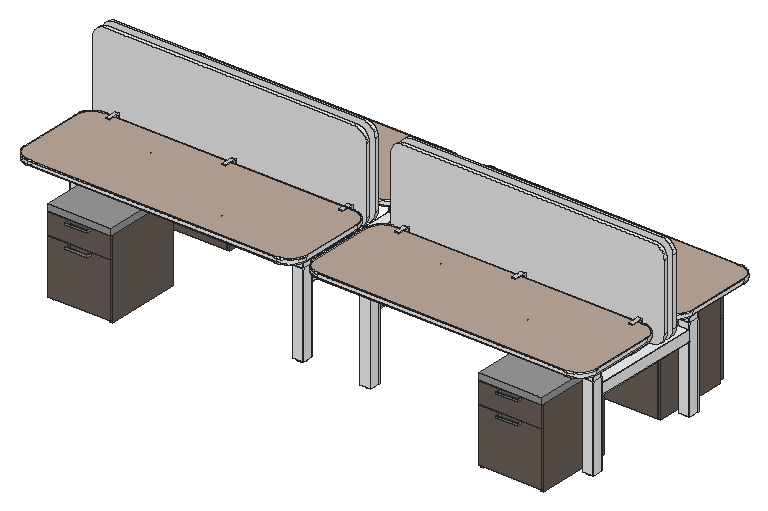
Revit family "T200098", category Furniture, Revit 2022
Family settings
  OmniClass Number = 23.40.20.00
  OmniClass Title = General Furniture and Specialties
  Work Plane-Based = No
  Always vertical = No
  Cut with Voids When Loaded = No
  Render Appearance Source = Family Geometry
  Shared = No
  Room Calculation Point = No
Parameters (values of type "T200098")
  URL = "https://ofs.com/"
  Manufacturer = "OFS"
  Description = "OFS TYPICAL T200098"
  Default Elevation = 0"
  Copyright © = "©OFS 2021"
  Catalog = "https://ofs.com/2020-experience"
  Authoring Version = "Autodesk Revit Architecture 2015"
  Assembly Code = "E2020400"
Reference planes (in)
  plane 1 "Center Front/Back": y = 0
  plane 2: z = 0
  plane 3 "Center Left/Right": x = 0
Dimensions and locks (in)
  aligned and locked: level to plane 2
Nested families (in)
  nested 1: "OFS ELEMENT OPEN L DESK LEFT AND RIGHT 84in Width 60in Return" at (102, 18.84375, 84), type "ELEMENT OPEN L DESK LEFT RETURN 84in Width 60in Return"
    with Right Desk Ovelay no, Left Desk Overlay no, Desk Overlay Option yes
  nested 2: "STAKS MOBILE PEDESTAL" at (32.79402, -28.83849, 0), type "STAKS MOBILE PEDESTAL Unfinished Top"
  nested 3: "STAKS MOBILE PEDESTAL" at (-74.22477, -28.87757, 0), type "STAKS MOBILE PEDESTAL Unfinished Top"
  nested 4: "STAKS SEAT CUSHION FOR MOBILE PEDESTAL" at (32.79402, -28.83849, 0), type "STAKS SEAT CUSHION FOR MOBILE PEDESTAL"
  nested 5: "STAKS SEAT CUSHION FOR MOBILE PEDESTAL" at (-74.22477, -28.87757, 0), type "STAKS SEAT CUSHION FOR MOBILE PEDESTAL"
  nested 6: "OFS RANGE 24D SOFT RECTANGULAR TOP" at (36.00388, -3, 0), type "24D SOFT RECTANGULAR TOP 70W"
  nested 7: "OFS RANGE 24D SOFT RECTANGULAR TOP" at (36, 27, 0), type "24D SOFT RECTANGULAR TOP 70W"
  nested 8: "OFS RANGE 24D SOFT RECTANGULAR TOP" at (-36, -3, 0), type "24D SOFT RECTANGULAR TOP 70W"
  nested 9: "OFS RANGE 24D SOFT RECTANGULAR TOP" at (-36, 27, 0), type "24D SOFT RECTANGULAR TOP 70W"
  nested 10: "OFS RANGE CABLE CARRIER" at (-36, 12.125, -23.375), type "CABLE CARRIER 72W"
  nested 11: "OFS RANGE CABLE CARRIER" at (36.00388, 12.125, -23.375), type "CABLE CARRIER 72W"
  nested 12: "OFS RANGE HEIGHT ADJUSTABLE BENCH KIT" at (-36, 12, 0), type "HEIGHT ADJUSTABLE BENCH KIT 72W"
    with Height 27 7/8"
  nested 13: "OFS RANGE HEIGHT ADJUSTABLE BENCH KIT" at (36.00388, 12, 0), type "HEIGHT ADJUSTABLE BENCH KIT 72W"
    with Height 27 7/8"
  nested 14: "OFS RANGE END CAP" at (73.75388, 0.125, 0) x (0, -1, 0) z (0, 0, 1), type "END CAP"
  nested 15: "OFS RANGE END CAP" at (-73.75, 0.22704, 0) x (0, 1, 0) z (0, 0, 1), type "END CAP"
  nested 16: "OFS RANGE HEIGHT ADJUSTABLE GANGING TRAY" at (0, 12, 0), type "HEIGHT ADJUSTABLE GANGING TRAY"
  nested 17: "OFS RANGE WORKSURFACE EDGE MODESTY ROUNDED TFL HPL OR WILSONART" at (-37, 13.375, 0), type "WORKSURFACE EDGE MODESTY ROUNDED 68W TFL HPL OR WILSONART"
  nested 18: "OFS RANGE BRACKETS FOR WORKSURFACE EDGE MODESTY WOOD AND TFL PANEL" at (-65, -1.75, -3.3125), type "BRACKETS FOR WORKSURFACE EDGE MODESTY Wood and TFL Panel"
  nested 19: "OFS RANGE BRACKETS FOR WORKSURFACE EDGE MODESTY WOOD AND TFL PANEL" at (-36, -1.75, -3.3125), type "BRACKETS FOR WORKSURFACE EDGE MODESTY Wood and TFL Panel"
  nested 20: "OFS RANGE BRACKETS FOR WORKSURFACE EDGE MODESTY WOOD AND TFL PANEL" at (-7, -1.75, -3.3125), type "BRACKETS FOR WORKSURFACE EDGE MODESTY Wood and TFL Panel"
  nested 21: "OFS RANGE BRACKETS FOR WORKSURFACE EDGE MODESTY WOOD AND TFL PANEL" at (-65, 1.75, -3.3125), type "BRACKETS FOR WORKSURFACE EDGE MODESTY Wood and TFL Panel"
  nested 22: "OFS RANGE BRACKETS FOR WORKSURFACE EDGE MODESTY WOOD AND TFL PANEL" at (-36, 1.75, -3.3125), type "BRACKETS FOR WORKSURFACE EDGE MODESTY Wood and TFL Panel"
  nested 23: "OFS RANGE BRACKETS FOR WORKSURFACE EDGE MODESTY WOOD AND TFL PANEL" at (-7, 1.75, -3.3125), type "BRACKETS FOR WORKSURFACE EDGE MODESTY Wood and TFL Panel"
  nested 24: "OFS RANGE BRACKETS FOR WORKSURFACE EDGE MODESTY WOOD AND TFL PANEL" at (65, 1.75, -3.3125) x (-1, 0, 0) z (0, 0, 1), type "BRACKETS FOR WORKSURFACE EDGE MODESTY Wood and TFL Panel"
  nested 25: "OFS RANGE BRACKETS FOR WORKSURFACE EDGE MODESTY WOOD AND TFL PANEL" at (36, 1.75, -3.3125) x (-1, 0, 0) z (0, 0, 1), type "BRACKETS FOR WORKSURFACE EDGE MODESTY Wood and TFL Panel"
  nested 26: "OFS RANGE BRACKETS FOR WORKSURFACE EDGE MODESTY WOOD AND TFL PANEL" at (7, 1.75, -3.3125) x (-1, 0, 0) z (0, 0, 1), type "BRACKETS FOR WORKSURFACE EDGE MODESTY Wood and TFL Panel"
  nested 27: "OFS RANGE BRACKETS FOR WORKSURFACE EDGE MODESTY WOOD AND TFL PANEL" at (65, -1.75, -3.3125) x (-1, 0, 0) z (0, 0, 1), type "BRACKETS FOR WORKSURFACE EDGE MODESTY Wood and TFL Panel"
  nested 28: "OFS RANGE BRACKETS FOR WORKSURFACE EDGE MODESTY WOOD AND TFL PANEL" at (36, -1.75, -3.3125) x (-1, 0, 0) z (0, 0, 1), type "BRACKETS FOR WORKSURFACE EDGE MODESTY Wood and TFL Panel"
  nested 29: "OFS RANGE BRACKETS FOR WORKSURFACE EDGE MODESTY WOOD AND TFL PANEL" at (7, -1.75, -3.3125) x (-1, 0, 0) z (0, 0, 1), type "BRACKETS FOR WORKSURFACE EDGE MODESTY Wood and TFL Panel"
  nested 30: "OFS RANGE WORKSURFACE EDGE MODESTY ROUNDED TFL HPL OR WILSONART" at (-37, -13.375, 0), type "WORKSURFACE EDGE MODESTY ROUNDED 68W TFL HPL OR WILSONART"
  nested 31: "OFS RANGE WORKSURFACE EDGE MODESTY ROUNDED TFL HPL OR WILSONART" at (37, -13.375, 0) x (-1, 0, 0) z (0, 0, 1), type "WORKSURFACE EDGE MODESTY ROUNDED 68W TFL HPL OR WILSONART"
  nested 32: "OFS RANGE WORKSURFACE EDGE MODESTY ROUNDED TFL HPL OR WILSONART" at (37, 13.375, 0) x (-1, 0, 0) z (0, 0, 1), type "WORKSURFACE EDGE MODESTY ROUNDED 68W TFL HPL OR WILSONART"
  nested 33: "STAKS MOBILE PEDESTAL" at (-74.22477, 28.87757, 0), type "STAKS MOBILE PEDESTAL Unfinished Top"
  nested 34: "STAKS SEAT CUSHION FOR MOBILE PEDESTAL" at (-74.22477, 28.87757, 0), type "STAKS SEAT CUSHION FOR MOBILE PEDESTAL"
  nested 35: "STAKS MOBILE PEDESTAL" at (32.79402, 28.83849, 0), type "STAKS MOBILE PEDESTAL Unfinished Top"
  nested 36: "STAKS SEAT CUSHION FOR MOBILE PEDESTAL" at (32.79402, 28.83849, 0), type "STAKS SEAT CUSHION FOR MOBILE PEDESTAL"
Definition of nested family "STAKS MOBILE PEDESTAL"
  Parameters (values of type "STAKS MOBILE PEDESTAL Finished Top")
    Wheel Caster Material = none
    URL = "http://www.ofs.com/"
    Top Thickness = 1 1/8"
    Top Surface Material = none
    Surface = yes
    Riser Support = 1/2"
    Model = "6-1619MP7"
    Manufacturer = "OFS"
    Height = 20 1/4"
    Drawer Material = none
    Drawer Handle Width = 5 7/16"
    Drawer Handle Material = none
    Description = "OFS STAKS MOBILE PEDESTAL Finished Top, No Cushion"
    Width = 15 5/8"
    Depth = 19 1/4"
    Default Elevation = 0"
    DH2 = 6 1/2"
    DH1 = 14 3/8"
    Copyright © = "© 2018 OFS"
    Chasis Material = none
    Catalog = "https://ofs.com/products/casegoods/private-office/staks"
    Board Thickness = 3/4"
    Authoring Version = "Autodesk Revit Architecture 2013"
    Assembly Code = "E2020200"
  Types (2): name | Surface | Model | Description
    STAKS MOBILE PEDESTAL Finished Top | yes | "6-1619MP7" | "OFS STAKS MOBILE PEDESTAL Finished Top, No Cushion"
    STAKS MOBILE PEDESTAL Unfinished Top | no | "6-1619MP8" | "OFS STAKS MOBILE PEDESTAL Unfinished Top, Must use with Cushion"
  Reference planes (in)
    plane 1: z = 0
    plane 2 "Right": x = 20.97711
    plane 3: z = 20.125
    plane 4: z = 14.875
    plane 5: z = 14.75
    plane 6: z = 0.5
    plane 7: z = 14.5
    plane 8: z = 19.875
    plane 9: z = 14.031
    plane 10: z = 19.40625
    plane 11: x = 13.16461
    plane 12: y = 1.50035
    plane 13: y = 0.75035
    plane 14: x = 13.22711
    plane 15: x = 28.72661
    plane 16: x = 13.91461
    plane 17: y = 20.00035
    plane 18: x = 28.78961
    plane 19: x = 28.03961
    plane 20: x = 18.25836
    plane 21: x = 18.63336
    plane 22: x = 23.69586
    plane 23: x = 23.32086
    plane 24: y = -0.06215
    plane 25: y = -0.24965
    plane 26: z = 0.75
    plane 27: y = 19.25035
    plane 28: z = 1.25
    plane 29: z = 20.25
    plane 30: z = 21.375
    plane 31: z = 2.25
    plane 32: z = 3
  Forms (in)
    Extrusion 1, solid, material <- "Drawer Material"
      sketch origin (20.35211, 2.25, -7.68015) x (0, 1, 0) y (0, 0, 1)
        loop
          line (-1.49965, 27.80515) -> (-1.49965, 22.55515) -> (-0.74965, 22.55515) -> (-0.74965, 27.80515) -> (-1.49965, 27.80515)
      from -7.125 to 8.3745
    Extrusion 2, solid, material <- "Chasis Material"
      sketch origin (-3, -1.24965, 0) x (1, 0, 0) y (0, 0, 1)
        loop
          line (16.16461, 0.5) -> (16.91461, 0.5) -> (16.91461, 20.125) -> (16.16461, 20.125) -> (16.16461, 0.5)
      from -21.25 to -2.75
    Extrusion 3, solid, material <- "Chasis Material"
      sketch origin (19.35211, 31.02324, 0) x (0, 1, 0) y (0, 0, 1)
        loop
          line (-11.77289, 0.5) -> (-11.02289, 0.5) -> (-11.02289, 20.125) -> (-11.77289, 20.125) -> (-11.77289, 0.5)
      from -5.4375 to 8.6875
    Extrusion 4, solid, material <- "Drawer Handle Material"
      sketch origin (9, 0, 20.67137) x (1, 0, 0) y (0, 1, 0)
        loop
          line (9.25836, 0.75035) -> (9.25836, -0.24965) -> (14.69586, -0.24965) -> (14.69586, 0.75035) -> (14.32086, 0.75035) -> (14.32086, -0.06215) -> (9.63336, -0.06215) -> (9.63336, 0.75035) -> (9.25836, 0.75035)
      from -1.26512 to -0.79637
    Extrusion 5, solid, material <- "Chasis Material"
      sketch origin (0, 0, 0) x (1, 0, 0) y (0, 1, 0)
        loop
          line (28.78961, 20.00035) -> (28.03961, 20.00035) -> (28.03961, 1.50035) -> (28.78961, 1.50035) -> (28.78961, 20.00035)
      from 0.5 to 20.125
    Extrusion 6, solid, material <- "Chasis Material"
      sketch origin (-29.79592, -7.12465, 7.24693) x (1, 0, 0) y (0, 0, 1)
        loop
          line (43.71054, 12.15932) -> (57.83554, 12.15932) -> (57.83554, 12.87807) -> (43.71054, 12.87807) -> (43.71054, 12.15932)
      from -26.375 to -8.625
    Extrusion 7, solid, material <- "Chasis Material"
      sketch origin (-31.5409, -1.62465, -42.72261) x (1, 0, 0) y (0, 0, 1)
        loop
          line (45.45551, 44.97261) -> (59.58051, 44.97261) -> (59.58051, 45.72261) -> (45.45551, 45.72261) -> (45.45551, 44.97261)
      from -20.875 to -3.125
    Extrusion 8, solid
      sketch origin (0, 0, 0) x (1, 0, 0) y (0, 1, 0)
        loop
          line (28.72661, 20.00035) -> (28.03961, 20.00035) -> (28.03961, 1.50035) -> (28.72661, 1.50035) -> (28.72661, 20.00035)
        loop
          line (13.22711, 20.00035) -> (13.22711, 1.50035) -> (13.91461, 1.50035) -> (13.91461, 20.00035) -> (13.22711, 20.00035)
      from 20.125 to 20.25
    Extrusion 9, solid, material <- "Wheel Caster Material"
      sketch origin (-12.02289, 0, 0) x (0, 1, 0) y (0, 0, 1)
        loop
          circle (17.50791, 0.94006) r 0.94006
        loop
          arc (16.53801, 0.5) -> (17.50791, 2.00512) -> (18.47781, 0.5) r 1.06506
          line (18.47781, 0.5) -> (18.61362, 0.5)
          arc (18.61362, 0.5) -> (17.50791, 2.13012) -> (16.4022, 0.5) r 1.19006
          line (16.4022, 0.5) -> (16.53801, 0.5)
        loop
          circle (3.25244, 0.94006) r 0.94006
        loop
          arc (2.28254, 0.5) -> (3.25244, 2.00512) -> (4.22233, 0.5) r 1.06506
          line (4.22233, 0.5) -> (4.35815, 0.5)
          arc (4.35815, 0.5) -> (3.25244, 2.13012) -> (2.14673, 0.5) r 1.19006
          line (2.14673, 0.5) -> (2.28254, 0.5)
      from 26.37597 to 26.87077
    Extrusion 10, solid, material <- "Wheel Caster Material"
      sketch origin (-10.98383, 0, 0) x (0, 1, 0) y (0, 0, 1)
        loop
          circle (17.50791, 0.94006) r 0.94006
        loop
          arc (16.53801, 0.5) -> (17.50791, 2.00512) -> (18.47781, 0.5) r 1.06506
          line (18.47781, 0.5) -> (18.61362, 0.5)
          arc (18.61362, 0.5) -> (17.50791, 2.13012) -> (16.4022, 0.5) r 1.19006
          line (16.4022, 0.5) -> (16.53801, 0.5)
        loop
          circle (3.25244, 0.94006) r 0.94006
        loop
          arc (2.28254, 0.5) -> (3.25244, 2.00512) -> (4.22233, 0.5) r 1.06506
          line (4.22233, 0.5) -> (4.35815, 0.5)
          arc (4.35815, 0.5) -> (3.25244, 2.13012) -> (2.14673, 0.5) r 1.19006
          line (2.14673, 0.5) -> (2.28254, 0.5)
      from 26.37597 to 26.87077
    Extrusion 11, solid, material <- "Wheel Caster Material"
      sketch origin (53.97711, 0, 0) x (0, 1, 0) y (0, 0, -1)
        loop
          circle (17.50791, -0.94006) r 0.94006
        loop
          line (16.53801, -0.5) -> (16.4022, -0.5)
          arc (16.4022, -0.5) -> (17.50791, -2.13012) -> (18.61362, -0.5) r 1.19006
          line (18.61362, -0.5) -> (18.47781, -0.5)
          arc (18.47781, -0.5) -> (17.50791, -2.00512) -> (16.53801, -0.5) r 1.06506
        loop
          circle (3.25244, -0.94006) r 0.94006
        loop
          line (2.28254, -0.5) -> (2.14673, -0.5)
          arc (2.14673, -0.5) -> (3.25244, -2.13012) -> (4.35815, -0.5) r 1.19006
          line (4.35815, -0.5) -> (4.22233, -0.5)
          arc (4.22233, -0.5) -> (3.25244, -2.00512) -> (2.28254, -0.5) r 1.06506
      from 26.37597 to 26.87077
    Extrusion 12, solid, material <- "Wheel Caster Material"
      sketch origin (52.93805, 0, 0) x (0, 1, 0) y (0, 0, -1)
        loop
          circle (17.50791, -0.94006) r 0.94006
        loop
          line (16.53801, -0.5) -> (16.4022, -0.5)
          arc (16.4022, -0.5) -> (17.50791, -2.13012) -> (18.61362, -0.5) r 1.19006
          line (18.61362, -0.5) -> (18.47781, -0.5)
          arc (18.47781, -0.5) -> (17.50791, -2.00512) -> (16.53801, -0.5) r 1.06506
        loop
          circle (3.25244, -0.94006) r 0.94006
        loop
          line (2.28254, -0.5) -> (2.14673, -0.5)
          arc (2.14673, -0.5) -> (3.25244, -2.13012) -> (4.35815, -0.5) r 1.19006
          line (4.35815, -0.5) -> (4.22233, -0.5)
          arc (4.22233, -0.5) -> (3.25244, -2.00512) -> (2.28254, -0.5) r 1.06506
      from 26.37597 to 26.87077
    Extrusion 13, solid, material <- "Top Surface Material", visible <- "Surface"
      sketch origin (-25.91712, 0.87535, -18.36336) x (1, 0, 0) y (0, 0, 1)
        loop
          line (39.08173, 38.61336) -> (54.70673, 38.61336) -> (54.70673, 39.73836) -> (39.08173, 39.73836) -> (39.08173, 38.61336)
      from -19.125 to 0.125
    Extrusion 14, solid, material <- "Top Surface Material", visible <- "Surface"
      sketch origin (-25.91712, 0.87535, -24.36336) x (1, 0, 0) y (0, 0, 1)
        loop
          line (39.83173, 38.39436) -> (53.95673, 38.39436) -> (53.95673, 39.23836) -> (39.83173, 39.23836) -> (39.83173, 38.39436)
      from -18.375 to -0.625
    Extrusion 15, solid, material <- "Drawer Material"
      sketch origin (16.97736, 2.25, -16.30921) x (0, 1, 0) y (0, 0, 1)
        loop
          line (-1.49965, 31.05921) -> (-1.49965, 17.55921) -> (-0.74965, 17.55921) -> (-0.74965, 31.05921) -> (-1.49965, 31.05921)
      from -3.75025 to 11.74925
    Extrusion 16, solid, material <- "Drawer Handle Material"
      sketch origin (8.56588, 0, 18.20936) x (1, 0, 0) y (0, 1, 0)
        loop
          line (9.69248, 0.75035) -> (9.69248, -0.24965) -> (15.12998, -0.24965) -> (15.12998, 0.75035) -> (14.75498, 0.75035) -> (14.75498, -0.06215) -> (10.06748, -0.06215) -> (10.06748, 0.75035) -> (9.69248, 0.75035)
      from -4.17836 to -3.70936
  Dimensions and locks (in)
    "Board Thickness": plane 13 to plane 12
    locked: plane 11 to plane 14 at 0.0625
    "Board Thickness": plane 11 to plane 16
    locked: plane 15 to plane 18 at 0.063
    "Width": plane 11 to plane 18
    Extrusion 5 sketch curve to plane 18 = 3/4"
    "Board Thickness": plane 19 to plane 18
    equal spacing: plane 11, plane 2 "Right", plane 18
    locked: plane 20 to plane 21 at 0.375
    locked: plane 23 to plane 22 at 0.375
    equal spacing: plane 20, plane 2 "Right", plane 22
    "Drawer Handle Width": plane 20 to plane 22
    plane 25 to plane 24 to plane 13 = 3/16" locked, 13/16" locked
    "Riser Support": plane 6 to level
    "DH1": plane 4 to plane 6
    locked: plane 26 to plane 6 at 0.25
    "Board Thickness": plane 27 to plane 17
    "Depth": plane 13 to plane 17
    plane 4 to plane 5 to plane 7 to plane 9 = 1/8" locked, 1/4" locked, 0.469" locked
    plane 3 to plane 8 to plane 10 = 1/4" locked, 15/32" locked
    "Board Thickness": plane 28 to plane 6
    locked: plane 29 to plane 3 at 0.125
    "Top Thickness": plane 30 to plane 29
    "Height": plane 29 to level
    locked: plane 31 to plane 28 at 1
    locked: plane 32 to plane 31 at 0.75
    aligned and locked: level to plane 1
    aligned and locked: Extrusion 1 to plane 12
    aligned and locked: plane 13 to Extrusion 1
    aligned and locked: plane 15 to Extrusion 1
    aligned and locked: Extrusion 1 to plane 14
    aligned and locked: plane 12 to Extrusion 2
    aligned and locked: Extrusion 2 to plane 17
    aligned and locked: Extrusion 3 to plane 16
    aligned and locked: plane 16 to Extrusion 2
    aligned and locked: Extrusion 2 to plane 11
    aligned and locked: Extrusion 3 to plane 17
    aligned and locked: plane 19 to Extrusion 3
    aligned and locked: plane 3 to Extrusion 2
    aligned and locked: Extrusion 4 to plane 22
    aligned and locked: plane 23 to Extrusion 4
    aligned and locked: plane 21 to Extrusion 4
    aligned and locked: Extrusion 4 to plane 20
    aligned and locked: plane 24 to Extrusion 4
    aligned and locked: plane 3 to Extrusion 3
    aligned and locked: Extrusion 5 to plane 19
    aligned and locked: plane 3 to Extrusion 5
    aligned and locked: Extrusion 5 to plane 6
    aligned and locked: plane 3 to Extrusion 6
    aligned and locked: Extrusion 6 to plane 10
    aligned and locked: Extrusion 7 to plane 27
    aligned and locked: plane 12 to Extrusion 7
    aligned and locked: plane 19 to Extrusion 7
    aligned and locked: Extrusion 7 to plane 16
    aligned and locked: Extrusion 8 to plane 3
    aligned and locked: plane 29 to Extrusion 8
    aligned and locked: plane 3 to Extrusion 1
    aligned and locked: plane 8 to Extrusion 4
    aligned and locked: Extrusion 4 to plane 10
    aligned and locked: Extrusion 6 to plane 27
    aligned and locked: plane 12 to Extrusion 6
    aligned and locked: Extrusion 7 to plane 31
    aligned and locked: plane 32 to Extrusion 7
    aligned and locked: Extrusion 13 to plane 29
    aligned and locked: plane 30 to Extrusion 13
    aligned and locked: Extrusion 13 to plane 17
    aligned and locked: Extrusion 13 to plane 11
    aligned and locked: plane 18 to Extrusion 13
    aligned and locked: plane 13 to Extrusion 13
    aligned and locked: Extrusion 14 to plane 9
    aligned and locked: plane 4 to Extrusion 14
    aligned and locked: Extrusion 14 to plane 16
    aligned and locked: plane 19 to Extrusion 14
    aligned and locked: Extrusion 14 to plane 27
    aligned and locked: plane 12 to Extrusion 14
    aligned and locked: Extrusion 1 to plane 4
    aligned and locked: plane 5 to Extrusion 15
    aligned and locked: Extrusion 15 to plane 14
    aligned and locked: plane 15 to Extrusion 15
    aligned and locked: Extrusion 15 to plane 28
    aligned and locked: plane 21 to Extrusion 16
    aligned and locked: Extrusion 16 to plane 20
    aligned and locked: Extrusion 16 to plane 22
    aligned and locked: plane 23 to Extrusion 16
    aligned and locked: Extrusion 16 to plane 9
    aligned and locked: plane 7 to Extrusion 16
  Automatic sketch dimensions
    Extrusion 1 sketch curve to plane 3 = 0"
    Extrusion 1 sketch curve to plane 13 = 0"
    Extrusion 1 sketch curve to plane 4 = 0"
    Extrusion 1 sketch curve to plane 12 = 0"
    Extrusion 2 sketch curve to plane 6 = 0"
    Extrusion 2 sketch curve to plane 11 = 0"
    Extrusion 2 sketch curve to plane 3 = 0"
    Extrusion 2 sketch curve to plane 16 = 0"
    Extrusion 3 sketch curve to plane 6 = 0"
    Extrusion 3 sketch curve to plane 3 = 0"
    Extrusion 3 sketch curve to plane 17 = 0"
    plane 27 to Extrusion 3 sketch curve = 0"
    plane 13 to Extrusion 4 sketch curve = 0"  (x2)
    Extrusion 4 sketch curve to plane 20 = 0"
    Extrusion 4 sketch curve to plane 21 = 0"
    Extrusion 4 sketch curve to plane 23 = 0"
    Extrusion 4 sketch curve to plane 22 = 0"
    plane 25 to Extrusion 4 sketch curve = 0"
    plane 24 to Extrusion 4 sketch curve = 0"
    plane 12 to Extrusion 5 sketch curve = 0"
    Extrusion 5 sketch curve to plane 18 = 0"
    plane 17 to Extrusion 5 sketch curve = 0"
    Extrusion 6 sketch curve to plane 10 = 0"
    Extrusion 6 sketch curve to plane 16 = 0"
    Extrusion 6 sketch curve to plane 3 = 0"
    Extrusion 6 sketch curve to plane 19 = 0"
    Extrusion 7 sketch curve to plane 16 = 0"
    Extrusion 7 sketch curve to plane 19 = 0"
    Extrusion 7 sketch curve to plane 31 = 0"
    Extrusion 7 sketch curve to plane 32 = 0"
    plane 12 to Extrusion 8 sketch curve = 0"  (x2)
    Extrusion 8 sketch curve to plane 14 = 0"
    Extrusion 8 sketch curve to plane 16 = 0"
    plane 17 to Extrusion 8 sketch curve = 0"  (x2)
    Extrusion 8 sketch curve to plane 19 = 0"
    Extrusion 8 sketch curve to plane 15 = 0"
    Extrusion 9 sketch curve to Extrusion 9 sketch curve = 0"  (x12)
    Extrusion 9 sketch curve to plane 6 = 0"  (x6)
    Extrusion 9 sketch curve to plane 12 = 0.64638"
    Extrusion 9 sketch curve to Extrusion 9 sketch curve = 0.13581"  (x2)
    Extrusion 9 sketch curve to Extrusion 9 sketch curve = 1.93979"
    plane 27 to Extrusion 9 sketch curve = 2.84815"
    plane 26 to Extrusion 9 sketch curve = 0.19006"  (x2)
    Extrusion 9 sketch curve to Extrusion 9 sketch curve = 0.9699"
    Extrusion 10 sketch curve to Extrusion 10 sketch curve = 0"  (x12)
    Extrusion 10 sketch curve to plane 6 = 0"  (x6)
    Extrusion 10 sketch curve to plane 12 = 0.64638"
    Extrusion 10 sketch curve to Extrusion 10 sketch curve = 0.13581"  (x2)
    Extrusion 10 sketch curve to Extrusion 10 sketch curve = 1.93979"
    plane 27 to Extrusion 10 sketch curve = 2.84815"
    plane 26 to Extrusion 10 sketch curve = 0.19006"  (x2)
    Extrusion 10 sketch curve to Extrusion 10 sketch curve = 0.9699"
    Extrusion 11 sketch curve to Extrusion 11 sketch curve = 0"  (x12)
    Extrusion 11 sketch curve to plane 6 = 0"  (x6)
    Extrusion 11 sketch curve to plane 12 = 0.64638"
    Extrusion 11 sketch curve to Extrusion 11 sketch curve = 0.13581"  (x2)
    Extrusion 11 sketch curve to Extrusion 11 sketch curve = 1.93979"
    plane 27 to Extrusion 11 sketch curve = 2.84815"
    plane 26 to Extrusion 11 sketch curve = 0.19006"  (x2)
    Extrusion 11 sketch curve to Extrusion 11 sketch curve = 0.9699"
    Extrusion 12 sketch curve to Extrusion 12 sketch curve = 0"  (x12)
    Extrusion 12 sketch curve to plane 6 = 0"  (x6)
    Extrusion 12 sketch curve to plane 12 = 0.64638"
    Extrusion 12 sketch curve to Extrusion 12 sketch curve = 0.13581"  (x2)
    Extrusion 12 sketch curve to Extrusion 12 sketch curve = 1.93979"
    plane 27 to Extrusion 12 sketch curve = 2.84815"
    plane 26 to Extrusion 12 sketch curve = 0.19006"  (x2)
    Extrusion 12 sketch curve to Extrusion 12 sketch curve = 0.9699"
    Extrusion 13 sketch curve to plane 11 = 0"
    Extrusion 13 sketch curve to plane 18 = 0"
    Extrusion 13 sketch curve to plane 29 = 0"
    Extrusion 13 sketch curve to plane 30 = 0"
    Extrusion 14 sketch curve to plane 9 = 0"
    Extrusion 14 sketch curve to plane 16 = 0"
    Extrusion 14 sketch curve to plane 4 = 0"
    Extrusion 14 sketch curve to plane 19 = 0"
    Extrusion 15 sketch curve to plane 5 = 0"
    Extrusion 15 sketch curve to plane 13 = 0"
    Extrusion 15 sketch curve to plane 12 = 0"
    Extrusion 15 sketch curve to plane 28 = 0"
    plane 13 to Extrusion 16 sketch curve = 0"  (x2)
    plane 25 to Extrusion 16 sketch curve = 0"
    plane 24 to Extrusion 16 sketch curve = 0"
    Extrusion 16 sketch curve to plane 20 = 0"
    plane 20 to Extrusion 16 sketch curve = 3/8"
    plane 23 to Extrusion 16 sketch curve = 0"
    Extrusion 16 sketch curve to plane 23 = 3/8"
    radius of Extrusion 9 sketch curve = 0.94006"  (x2)
    radius of Extrusion 10 sketch curve = 0.94006"  (x2)
    radius of Extrusion 11 sketch curve = 0.94006"  (x2)
    radius of Extrusion 12 sketch curve = 0.94006"  (x2)
Definition of nested family "STAKS SEAT CUSHION FOR MOBILE PEDESTAL"
  Parameters (values of type "STAKS SEAT CUSHION FOR MOBILE PEDESTAL")
    URL = "http://www.ofs.com/"
    Default Elevation = 0"
    Cushion Thickness = 1 1/2"
    Cushion Material = none
    Model = "6-1619SC2"
    Manufacturer = "OFS"
    Height = 20 1/4"
    Description = "OFS STAKS SEAT CUSHION FOR MOBILE PEDESTAL,"
    Width = 15 5/8"
    Depth = 19 1/4"
    Copyright © = "© 2018 OFS"
    Catalog = "https://ofs.com/products/casegoods/private-office/staks"
    Authoring Version = "Autodesk Revit Architecture 2013"
    Assembly Code = "E2020200"
  Reference planes (in)
    plane 1: z = 0
    plane 2 "Right": x = 20.97711
    plane 3: x = 13.16461
    plane 4: y = 1.50035
    plane 5: y = 0.75035
    plane 6: y = 20.00035
    plane 7: x = 28.78961
    plane 8: y = -0.06215
    plane 9: y = -0.24965
    plane 10: y = 19.25035
    plane 11: z = 20.25
    plane 12: z = 21.75
  Forms (in)
    Extrusion 1, solid, material <- "Cushion Material"
      sketch origin (-25.91712, 0.87535, -18.36336) x (1, 0, 0) y (0, 0, 1)
        loop
          line (39.08173, 38.61336) -> (54.70673, 38.61336) -> (54.70673, 40.11336) -> (39.08173, 40.11336) -> (39.08173, 38.61336)
      from -19.125 to 0.125
  Dimensions and locks (in)
    locked: plane 5 to plane 4 at 0.75
    "Width": plane 3 to plane 7
    equal spacing: plane 3, plane 2 "Right", plane 7
    plane 9 to plane 8 to plane 5 = 3/16" locked, 13/16" locked
    locked: plane 10 to plane 6 at 0.75
    "Depth": plane 5 to plane 6
    "Cushion Thickness": plane 12 to plane 11
    "Height": plane 11 to level
    aligned and locked: level to plane 1
    aligned and locked: Extrusion 1 to plane 11
    aligned and locked: plane 12 to Extrusion 1
    aligned and locked: Extrusion 1 to plane 6
    aligned and locked: Extrusion 1 to plane 3
    aligned and locked: plane 7 to Extrusion 1
    aligned and locked: plane 5 to Extrusion 1
  Automatic sketch dimensions
    Extrusion 1 sketch curve to plane 3 = 0"
    Extrusion 1 sketch curve to plane 7 = 0"
    Extrusion 1 sketch curve to plane 11 = 0"
    Extrusion 1 sketch curve to plane 12 = 0"
Definition of nested family "OFS RANGE 24D SOFT RECTANGULAR TOP"
  Parameters (values of type "24D SOFT RECTANGULAR TOP 72W")
    Worksurface Material = none
    Width = 72"
    URL = "http://www.ofs.com/"
    Model = "HB-7224HASRTS"
    Manufacturer = "CAROLINA"
    Height from Floor = 27 7/8"
    Height = 1 3/16"
    Edge Material = none
    Description = "OFS CAROLINA RANGE 24\"D SOFT RECTANGULAR TOP, 72\" Width, Use with 72\" Bench Kit when Worksurface Side Modesty is Specified"
    Depth = 24"
    Default Elevation = 0"
    Copyright © = "©OFS 2019"
    Catalog = "https://ofs.com/products/open-plan/benching/range"
    Authoring Version = "Autodesk Revit Architecture 2015"
    Assembly Code = "E2020200"
  Types (10): name | Width | Model | Description
    (no name) | 72" | "HB-7224HASRTS" | "OFS CAROLINA RANGE 24\"D SOFT RECTANGULAR TOP, 72\" Width, Use with 72\" Bench Kit when Worksurface Side Modesty is Specified"
    24D SOFT RECTANGULAR TOP 52W | 52" | "HB-5224HASRT" | "OFS CAROLINA RANGE 24\"D SOFT RECTANGULAR TOP, 52\" Width, Use with 54\" Bench Kit"
    24D SOFT RECTANGULAR TOP 58W | 58" | "HB-5824HASRT" | "OFS CAROLINA RANGE 24\"D SOFT RECTANGULAR TOP, 58\" Width, Use with 60\" Bench Kit"
    24D SOFT RECTANGULAR TOP 64W | 64" | "HB-6424HASRT" | "OFS CAROLINA RANGE 24\"D SOFT RECTANGULAR TOP, 64\" Width, Use with 66\" Bench Kit"
    24D SOFT RECTANGULAR TOP 70W | 70" | "HB-7024HASRT" | "OFS CAROLINA RANGE 24\"D SOFT RECTANGULAR TOP, 70\" Width, Use with 72\" Bench Kit"
    24D SOFT RECTANGULAR TOP 48W | 48" | "HB-4824HASRTS" | "OFS CAROLINA RANGE 24\"D SOFT RECTANGULAR TOP, 48\" Width, Use with 54\" Bench Kit when Worksurface Side Modesty is Specified"
    24D SOFT RECTANGULAR TOP 54W | 54" | "HB-5424HASRTS" | "OFS CAROLINA RANGE 24\"D SOFT RECTANGULAR TOP, 54\" Width, Use with 60\" Bench Kit when Worksurface Side Modesty is Specified"
    24D SOFT RECTANGULAR TOP 60W | 60" | "HB-6024HASRTS" | "OFS CAROLINA RANGE 24\"D SOFT RECTANGULAR TOP, 60\" Width, Use with 66\" Bench Kit when Worksurface Side Modesty is Specified"
    24D SOFT RECTANGULAR TOP 66W | 66" | "HB-6624HASRTS" | "OFS CAROLINA RANGE 24\"D SOFT RECTANGULAR TOP, 66\" Width, Use with 72\" Bench Kit when Worksurface Side Modesty is Specified"
    24D SOFT RECTANGULAR TOP 72W | 72" | "HB-7224HASRTS" | "OFS CAROLINA RANGE 24\"D SOFT RECTANGULAR TOP, 72\" Width, Use with 72\" Bench Kit when Worksurface Side Modesty is Specified"
  Reference planes (in)
    plane 1 "Back": y = 0
    plane 2: z = 0
    plane 3 "Center Left/Right": x = 0
    plane 4 "Front": y = -24
    plane 5 "Left": x = -36
    plane 6 "Right": x = 36
    plane 7: z = 27.875
    plane 8: z = 29.0625
    plane 9: y = -0.125
    plane 10: x = -35.875
    plane 11: x = 35.875
    plane 12: y = -23.875
    plane 13: y = -12
  Forms (in)
    Extrusion 1, solid, material <- "Worksurface Material"
      sketch origin (0, 0, 0) x (1, 0, 0) y (0, 1, 0)
        loop
          arc (-31.875, -0.125) -> (-34.70343, -1.29657) -> (-35.875, -4.125) r 4
          line (-35.875, -4.125) -> (-35.875, -19.875)
          arc (-35.875, -19.875) -> (-34.70343, -22.70343) -> (-31.875, -23.875) r 4
          line (-31.875, -23.875) -> (31.875, -23.875)
          arc (31.875, -23.875) -> (34.70343, -22.70343) -> (35.875, -19.875) r 4
          line (35.875, -19.875) -> (35.875, -4.125)
          arc (35.875, -4.125) -> (34.70343, -1.29657) -> (31.875, -0.125) r 4
          line (31.875, -0.125) -> (-31.875, -0.125)
      from 27.875 to 29.0625
    Sweep 2, solid, material <- "Edge Material"
      path in 3D
        loop
          arc (-31.875, -0.125, 29.0625) -> (-34.70343, -1.29657, 29.0625) -> (-35.875, -4.125, 29.0625) r 4
          line (-35.875, -4.125, 29.0625) -> (-35.875, -19.875, 29.0625)
          arc (-35.875, -19.875, 29.0625) -> (-34.70343, -22.70343, 29.0625) -> (-31.875, -23.875, 29.0625) r 4
          line (-31.875, -23.875, 29.0625) -> (31.875, -23.875, 29.0625)
          arc (31.875, -23.875, 29.0625) -> (34.70343, -22.70343, 29.0625) -> (35.875, -19.875, 29.0625) r 4
          line (35.875, -19.875, 29.0625) -> (35.875, -4.125, 29.0625)
          arc (35.875, -4.125, 29.0625) -> (34.70343, -1.29657, 29.0625) -> (31.875, -0.125, 29.0625) r 4
          line (31.875, -0.125, 29.0625) -> (-31.875, -0.125, 29.0625)
      profile origin (0, -0.125, 29.0625) x (0, -1, 0) y (0, 0, 1)
        loop
          arc (0, 0) -> (-0.08839, -0.03661) -> (-0.125, -0.125) r 0.125
          line (-0.125, -0.125) -> (-0.125, -1.0625)
          arc (-0.125, -1.0625) -> (-0.08839, -1.15089) -> (0, -1.1875) r 0.125
          line (0, -1.1875) -> (0, 0)
  Lines and regions (in)
    sketch lines
      curve 1: line (31.875, -0.125, 29.0625) -> (-31.875, -0.125, 29.0625)
      curve 2: line (-35.875, -4.125, 29.0625) -> (-35.875, -19.875, 29.0625)
      curve 3: line (-31.875, -23.875, 29.0625) -> (31.875, -23.875, 29.0625)
      curve 4: line (35.875, -19.875, 29.0625) -> (35.875, -4.125, 29.0625)
      curve 5: arc (-35.875, -4.125, 29.0625) -> (-34.70343, -1.29657, 29.0625) -> (-31.875, -0.125, 29.0625) r 4
      curve 6: arc (-31.875, -23.875, 29.0625) -> (-34.70343, -22.70343, 29.0625) -> (-35.875, -19.875, 29.0625) r 4
      curve 7: arc (35.875, -19.875, 29.0625) -> (34.70343, -22.70343, 29.0625) -> (31.875, -23.875, 29.0625) r 4
      curve 8: arc (31.875, -0.125, 29.0625) -> (34.70343, -1.29657, 29.0625) -> (35.875, -4.125, 29.0625) r 4
  Dimensions and locks (in)
    "Depth": plane 4 "Front" to plane 1 "Back"
    equal spacing: plane 5 "Left", plane 3 "Center Left/Right", plane 6 "Right"
    "Width": plane 5 "Left" to plane 6 "Right"
    "Height from Floor": plane 7 to level
    "Height": plane 8 to plane 7
    locked: plane 5 "Left" to plane 10 at 0.125
    locked: plane 11 to plane 6 "Right" at 0.125
    locked: plane 4 "Front" to plane 12 at 0.125
    locked: plane 9 to plane 1 "Back" at 0.125
    equal spacing: plane 4 "Front", plane 13, plane 1 "Back"
    aligned and locked: level to plane 2
    aligned and locked: plane 11 to Extrusion 1 sketch curve
    aligned and locked: plane 9 to Extrusion 1 sketch curve
    aligned and locked: plane 10 to Extrusion 1 sketch curve
    aligned and locked: plane 8 to Extrusion 1
    aligned and locked: Extrusion 1 to plane 7
  Automatic sketch dimensions
    Sweep 2 sketch curve to profile plane = 0"  (x2)
    Sweep 2 sketch curve to Sweep 2 sketch curve = 15/16"
    Sweep 2 sketch curve to Sweep 2 sketch curve = 1/8"
    plane 12 to Extrusion 1 sketch curve = 0"
    plane 10 to Extrusion 1 sketch curve = 4"
    Extrusion 1 sketch curve to Extrusion 1 sketch curve = 4"
    plane 11 to Extrusion 1 sketch curve = 4"  (x2)
Definition of nested family "OFS RANGE CABLE CARRIER"
  Parameters (values of type "CABLE CARRIER 72W")
    Width = 52 1/2"
    URL = "http://www.ofs.com/"
    Model = "HB-72CC"
    Manufacturer = "CAROLINA"
    Height from Floor = 38 3/8"
    Height = 4 3/4"
    Profile Material = none
    Description = "OFS CAROLINA CABLE CARRIER, Use with 72\" Bench Kit"
    Depth = 9 1/2"
    Default Elevation = 0"
    Copyright © = "©OFS 2019"
    Catalog = "https://ofs.com/products/open-plan/benching/range"
    Authoring Version = "Autodesk Revit Architecture 2015"
    Assembly Code = "E2020200"
  Types (5): name | Width | Model | Description
    (no name) | 52 1/2" | "HB-72CC" | "OFS CAROLINA CABLE CARRIER, Use with 72\" Bench Kit"
    CABLE CARRIER 54W | 34 1/2" | "HB-54CC" | "OFS CAROLINA CABLE CARRIER, Use with 54\" Bench Kit"
    CABLE CARRIER 60W | 40 1/2" | "HB-60CC" | "OFS CAROLINA CABLE CARRIER, Use with 60\" Bench Kit"
    CABLE CARRIER 66W | 46 1/2" | "HB-66CC" | "OFS CAROLINA CABLE CARRIER, Use with 66\" Bench Kit"
    CABLE CARRIER 72W | 52 1/2" | "HB-72CC" | "OFS CAROLINA CABLE CARRIER, Use with 72\" Bench Kit"
  Reference planes (in)
    plane 1 "Back": y = -7.25
    plane 2: z = 0
    plane 3 "Center Left/Right": x = 0
    plane 4 "Front": y = -16.75
    plane 5 "Left": x = -26.25
    plane 6 "Right": x = 26.25
    plane 7: z = 38.375
    plane 8: z = 43.125
    plane 9: y = -12
    plane 10: x = -26
    plane 11: x = 26
  Forms (in)
    Extrusion 1, solid, material <- "Profile Material"
      sketch origin (0, 0, 0) x (0, 1, 0) y (0, 0, 1)
        loop
          arc (-16.75, 38.46905) -> (-16.66025, 38.38387) -> (-16.57988, 38.47795) r 0.08529
          line (-16.57988, 38.47795) -> (-16.59942, 38.79749) -> (-16.65837, 38.79388) -> (-16.63788, 38.45883)
          arc (-16.63788, 38.45883) -> (-16.66298, 38.43067) -> (-16.69094, 38.45599) r 0.02657
          line (-16.69094, 38.45599) -> (-16.69094, 42.16761)
          arc (-16.69094, 42.16761) -> (-16.68076, 42.1803) -> (-16.66616, 42.1731) r 0.013
          line (-16.66616, 42.1731) -> (-16.52333, 41.8668) -> (-16.4698, 41.89175) -> (-16.63086, 42.23713)
          arc (-16.63086, 42.23713) -> (-16.70103, 42.27174) -> (-16.75, 42.21072) r 0.0625
          line (-16.75, 42.21072) -> (-16.75, 38.46905)
      from -26.25 to 26.25
    Extrusion 2, solid, material <- "Profile Material"
      sketch origin (0, -24, 0) x (0, -1, 0) y (0, 0, -1)
        loop
          line (-16.75, -38.46905) -> (-16.75, -42.21072)
          arc (-16.75, -42.21072) -> (-16.70103, -42.27174) -> (-16.63086, -42.23713) r 0.0625
          line (-16.63086, -42.23713) -> (-16.4698, -41.89175) -> (-16.52333, -41.8668) -> (-16.66616, -42.1731)
          arc (-16.66616, -42.1731) -> (-16.68076, -42.1803) -> (-16.69094, -42.16761) r 0.013
          line (-16.69094, -42.16761) -> (-16.69094, -38.45599)
          arc (-16.69094, -38.45599) -> (-16.66298, -38.43067) -> (-16.63788, -38.45883) r 0.02657
          line (-16.63788, -38.45883) -> (-16.65837, -38.79388) -> (-16.59942, -38.79749) -> (-16.57988, -38.47795)
          arc (-16.57988, -38.47795) -> (-16.66025, -38.38387) -> (-16.75, -38.46905) r 0.08529
      from -26.25 to 26.25
    Extrusion 3, solid, material <- "Profile Material"
      sketch origin (0, 0, 0) x (0, 1, 0) y (0, 0, 1)
        loop
          line (-7.70866, 42.18051) -> (-7.70866, 38.47972) -> (-7.57087, 38.47972) -> (-7.57087, 42.17868)
          arc (-7.57087, 42.17868) -> (-7.61176, 42.27741) -> (-7.71049, 42.31831) r 0.13963
          line (-7.71049, 42.31831) -> (-16.28951, 42.31831)
          arc (-16.28951, 42.31831) -> (-16.38824, 42.27741) -> (-16.42914, 42.17868) r 0.13963
          line (-16.42914, 42.17868) -> (-16.42914, 38.47972) -> (-16.29134, 38.47972) -> (-16.29134, 42.18051) -> (-7.70866, 42.18051)
      from -26.25 to 26.25
    Extrusion 4, solid, material <- "Profile Material"
      sketch origin (0, 0, 0) x (0, 1, 0) y (0, 0, 1)
        loop
          line (-13.4498, 42.37736) -> (-10.5502, 42.37736)
          arc (-10.5502, 42.37736) -> (-10.46181, 42.41397) -> (-10.4252, 42.50236) r 0.125
          line (-10.4252, 42.50236) -> (-10.4252, 43)
          arc (-10.4252, 43) -> (-10.46181, 43.08839) -> (-10.5502, 43.125) r 0.125
          line (-10.5502, 43.125) -> (-13.4498, 43.125)
          arc (-13.4498, 43.125) -> (-13.53819, 43.08839) -> (-13.5748, 43) r 0.125
          line (-13.5748, 43) -> (-13.5748, 42.50236)
          arc (-13.5748, 42.50236) -> (-13.53819, 42.41397) -> (-13.4498, 42.37736) r 0.125
        loop
          line (-10.54331, 42.49547) -> (-10.54331, 43.00689) -> (-13.45669, 43.00689) -> (-13.45669, 42.49547) -> (-10.54331, 42.49547)
      from -26.25 to 26.25
    Extrusion 5, solid, material <- "Profile Material"
      sketch origin (0, 0, 0) x (0, 1, 0) y (0, 0, 1)
        loop
          line (-7.55906, 38.43406) -> (-16.44094, 38.43406) -> (-16.44094, 39.19311) -> (-16.5, 39.19311) -> (-16.5, 38.44013)
          arc (-16.5, 38.44013) -> (-16.48092, 38.39408) -> (-16.43487, 38.375) r 0.06513
          line (-16.43487, 38.375) -> (-7.56513, 38.375)
          arc (-7.56513, 38.375) -> (-7.51908, 38.39408) -> (-7.5, 38.44013) r 0.06513
          line (-7.5, 38.44013) -> (-7.5, 39.19311) -> (-7.55906, 39.19311) -> (-7.55906, 38.43406)
      from -26.25 to 26.25
    Extrusion 6, solid, material <- "Profile Material"
      sketch origin (0, 0, 0) x (0, 1, 0) y (0, 0, 1)
        loop
          arc (-16.39444, 42.37736) -> (-16.46073, 42.3499) -> (-16.48819, 42.28361) r 0.09375
          line (-16.48819, 42.28361) -> (-16.48819, 41.85717)
          arc (-16.48819, 41.85717) -> (-16.49961, 41.84294) -> (-16.51596, 41.85101) r 0.01457
          line (-16.51596, 41.85101) -> (-16.63096, 42.09762) -> (-16.68194, 42.07384) -> (-16.54764, 41.78583)
          arc (-16.54764, 41.78583) -> (-16.47784, 41.75141) -> (-16.42914, 41.8121) r 0.06216
          line (-16.42914, 41.8121) -> (-16.42914, 42.28714)
          arc (-16.42914, 42.28714) -> (-16.42001, 42.30918) -> (-16.39796, 42.31831) r 0.03117
          line (-16.39796, 42.31831) -> (-7.60204, 42.31831)
          arc (-7.60204, 42.31831) -> (-7.57999, 42.30918) -> (-7.57087, 42.28714) r 0.03117
          line (-7.57087, 42.28714) -> (-7.57087, 41.8121)
          arc (-7.57087, 41.8121) -> (-7.52216, 41.75141) -> (-7.45236, 41.78583) r 0.06216
          line (-7.45236, 41.78583) -> (-7.31806, 42.07384) -> (-7.36904, 42.09762) -> (-7.48404, 41.85101)
          arc (-7.48404, 41.85101) -> (-7.50039, 41.84294) -> (-7.51181, 41.85717) r 0.01457
          line (-7.51181, 41.85717) -> (-7.51181, 42.28361)
          arc (-7.51181, 42.28361) -> (-7.53927, 42.3499) -> (-7.60556, 42.37736) r 0.09375
          line (-7.60556, 42.37736) -> (-16.39444, 42.37736)
      from -26.25 to 26.25
    Extrusion 7, solid, material <- "Profile Material"
      sketch origin (0, 0, 0) x (0, 1, 0) y (0, 0, 1)
        loop
          line (-9.5, 40.40471) -> (-9.5, 42.18051) -> (-14.5, 42.18051) -> (-14.5, 40.40471)
          arc (-14.5, 40.40471) -> (-14.46305, 40.3155) -> (-14.37384, 40.27854) r 0.12616
          line (-14.37384, 40.27854) -> (-9.62616, 40.27854)
          arc (-9.62616, 40.27854) -> (-9.53695, 40.3155) -> (-9.5, 40.40471) r 0.12616
      from 26 to 26.25
    Extrusion 8, solid, material <- "Profile Material"
      sketch origin (0, 0, 0) x (0, 1, 0) y (0, 0, -1)
        loop
          arc (-9.5, -40.40471) -> (-9.53695, -40.3155) -> (-9.62616, -40.27854) r 0.12616
          line (-9.62616, -40.27854) -> (-14.37384, -40.27854)
          arc (-14.37384, -40.27854) -> (-14.46305, -40.3155) -> (-14.5, -40.40471) r 0.12616
          line (-14.5, -40.40471) -> (-14.5, -42.18051) -> (-9.5, -42.18051) -> (-9.5, -40.40471)
      from 26 to 26.25
  Dimensions and locks (in)
    "Depth": plane 4 "Front" to plane 1 "Back"
    equal spacing: plane 5 "Left", plane 3 "Center Left/Right", plane 6 "Right"
    "Width": plane 5 "Left" to plane 6 "Right"
    "Height from Floor": plane 7 to level
    "Height": plane 8 to plane 7
    equal spacing: plane 4 "Front", plane 9, plane 1 "Back"
    locked: plane 5 "Left" to plane 10 at 0.25
    locked: plane 6 "Right" to plane 11 at 0.25
    aligned and locked: level to plane 2
    aligned and locked: Extrusion 1 to plane 6 "Right"
    aligned and locked: Extrusion 3 to plane 6 "Right"
    aligned and locked: Extrusion 2 to plane 6 "Right"
    aligned and locked: Extrusion 5 to plane 6 "Right"
    aligned and locked: Extrusion 4 to plane 6 "Right"
    aligned and locked: Extrusion 6 to plane 6 "Right"
    aligned and locked: Extrusion 1 to plane 5 "Left"
    aligned and locked: Extrusion 3 to plane 5 "Left"
    aligned and locked: Extrusion 2 to plane 5 "Left"
    aligned and locked: Extrusion 4 to plane 5 "Left"
    aligned and locked: Extrusion 6 to plane 5 "Left"
    aligned and locked: Extrusion 5 to plane 5 "Left"
    aligned and locked: plane 11 to Extrusion 7
    aligned and locked: Extrusion 7 to plane 6 "Right"
    aligned and locked: Extrusion 8 to plane 5 "Left"
    aligned and locked: plane 10 to Extrusion 8
  Automatic sketch dimensions
    Extrusion 1 sketch curve to plane 4 "Front" = 0"
    Extrusion 1 sketch curve to plane 4 "Front" = 0.05906"
    Extrusion 1 sketch curve to Extrusion 1 sketch curve = 0.00344"
    Extrusion 1 sketch curve to Extrusion 1 sketch curve = 0.013"
    Extrusion 1 sketch curve to Extrusion 1 sketch curve = 0.01178"
    Extrusion 1 sketch curve to Extrusion 1 sketch curve = 0.02624"
    Extrusion 1 sketch curve to Extrusion 1 sketch curve = 0.00031"
    Extrusion 1 sketch curve to plane 4 "Front" = 0.09163"
    plane 7 to Extrusion 1 sketch curve = 0.08383"
    Extrusion 1 sketch curve to Extrusion 1 sketch curve = 0.02652"
    Extrusion 1 sketch curve to Extrusion 1 sketch curve = 0.05664"
    Extrusion 1 sketch curve to Extrusion 1 sketch curve = 0.05894"
    plane 7 to Extrusion 1 sketch curve = 0.10295"
    Extrusion 1 sketch curve to Extrusion 1 sketch curve = 0.058"
    Extrusion 1 sketch curve to plane 4 "Front" = 0.22667"
    Extrusion 1 sketch curve to Extrusion 1 sketch curve = 0.05352"
    Extrusion 1 sketch curve to Extrusion 1 sketch curve = 0.01184"
    Extrusion 1 sketch curve to plane 8 = 1.2582"
    Extrusion 1 sketch curve to Extrusion 1 sketch curve = 0.02496"
    Extrusion 2 sketch curve to plane 1 "Back" = 0"
    Extrusion 2 sketch curve to plane 1 "Back" = 0.05906"
    Extrusion 2 sketch curve to Extrusion 2 sketch curve = 0.00344"
    Extrusion 2 sketch curve to Extrusion 2 sketch curve = 0.013"
    Extrusion 2 sketch curve to Extrusion 2 sketch curve = 0.01178"
    Extrusion 2 sketch curve to Extrusion 2 sketch curve = 0.02624"
    Extrusion 2 sketch curve to Extrusion 2 sketch curve = 0.00031"
    Extrusion 2 sketch curve to plane 1 "Back" = 0.09163"
    Extrusion 2 sketch curve to plane 7 = 0.08383"
    Extrusion 2 sketch curve to Extrusion 2 sketch curve = 0.02652"
    Extrusion 2 sketch curve to Extrusion 2 sketch curve = 0.05664"
    Extrusion 2 sketch curve to Extrusion 2 sketch curve = 0.05894"
    Extrusion 2 sketch curve to plane 7 = 0.10295"
    Extrusion 2 sketch curve to Extrusion 2 sketch curve = 0.058"
    Extrusion 2 sketch curve to plane 1 "Back" = 0.22667"
    Extrusion 2 sketch curve to Extrusion 2 sketch curve = 0.05352"
    Extrusion 2 sketch curve to Extrusion 2 sketch curve = 0.01184"
    plane 8 to Extrusion 2 sketch curve = 1.2582"
    Extrusion 2 sketch curve to Extrusion 2 sketch curve = 0.02496"
    Extrusion 3 sketch curve to plane 4 "Front" = 0.32086"
    Extrusion 3 sketch curve to Extrusion 3 sketch curve = 0.1378"  (x2)
    Extrusion 3 sketch curve to Extrusion 3 sketch curve = 0.00183"  (x3)
    plane 1 "Back" to Extrusion 3 sketch curve = 0.46049"
    plane 7 to Extrusion 3 sketch curve = 0.10472"  (x2)
    Extrusion 3 sketch curve to plane 8 = 0.94632"
    Extrusion 4 sketch curve to plane 8 = 0"
    Extrusion 4 sketch curve to plane 9 = 1.5748"
    Extrusion 4 sketch curve to Extrusion 4 sketch curve = 0.11811"  (x2)
    Extrusion 4 sketch curve to Extrusion 4 sketch curve = 0.00689"  (x5)
    plane 9 to Extrusion 4 sketch curve = 1.4498"
    Extrusion 4 sketch curve to Extrusion 4 sketch curve = 0"
    Extrusion 4 sketch curve to Extrusion 4 sketch curve = 0.49764"
    Extrusion 5 sketch curve to plane 7 = 0"
    plane 7 to Extrusion 5 sketch curve = 0.06513"  (x2)
    Extrusion 5 sketch curve to plane 4 "Front" = 1/4"
    Extrusion 5 sketch curve to Extrusion 5 sketch curve = 0.05906"  (x2)
    plane 1 "Back" to Extrusion 5 sketch curve = 0.31513"
    Extrusion 5 sketch curve to Extrusion 5 sketch curve = 0.00607"
    Extrusion 5 sketch curve to Extrusion 5 sketch curve = 0.75298"  (x2)
    Extrusion 6 sketch curve to plane 4 "Front" = 0.06806"
    Extrusion 6 sketch curve to Extrusion 6 sketch curve = 0.05098"  (x2)
    Extrusion 6 sketch curve to plane 4 "Front" = 0.20236"
    Extrusion 6 sketch curve to Extrusion 6 sketch curve = 0.03168"
    Extrusion 6 sketch curve to Extrusion 6 sketch curve = 0.0132"  (x2)
    Extrusion 6 sketch curve to Extrusion 6 sketch curve = 0.02466"
    Extrusion 6 sketch curve to Extrusion 6 sketch curve = 0.01457"  (x2)
    Extrusion 6 sketch curve to Extrusion 6 sketch curve = 0.06216"
    Extrusion 6 sketch curve to Extrusion 6 sketch curve = 0.03117"  (x2)
    Extrusion 6 sketch curve to Extrusion 6 sketch curve = 0.00352"  (x3)
    plane 1 "Back" to Extrusion 6 sketch curve = 0.35556"
    Extrusion 6 sketch curve to Extrusion 6 sketch curve = 0.05906"
    Extrusion 6 sketch curve to Extrusion 6 sketch curve = 0.00311"
    Extrusion 6 sketch curve to Extrusion 6 sketch curve = 0.05634"
    plane 1 "Back" to Extrusion 6 sketch curve = 0.11904"
    Extrusion 6 sketch curve to plane 8 = 1.33917"  (x2)
    Extrusion 6 sketch curve to Extrusion 6 sketch curve = 0.03891"  (x2)
    Extrusion 6 sketch curve to Extrusion 6 sketch curve = 0.186"
    Extrusion 7 sketch curve to plane 4 "Front" = 2 1/4"
    Extrusion 7 sketch curve to Extrusion 7 sketch curve = 0.12616"  (x2)
    plane 9 to Extrusion 7 sketch curve = 2.37384"
    plane 7 to Extrusion 7 sketch curve = 1.90354"
    Extrusion 7 sketch curve to plane 8 = 0.94449"
    Extrusion 8 sketch curve to plane 4 "Front" = 2 1/4"
    Extrusion 8 sketch curve to Extrusion 8 sketch curve = 0.12616"  (x2)
    plane 9 to Extrusion 8 sketch curve = 2.37384"
    Extrusion 8 sketch curve to plane 8 = 0.94449"
    Extrusion 8 sketch curve to Extrusion 8 sketch curve = 1.77581"
Definition of nested family "OFS RANGE HEIGHT ADJUSTABLE BENCH KIT"
  Parameters (values of type "HEIGHT ADJUSTABLE BENCH KIT 54W")
    Default Elevation = 0"
    Casters Material = none
    Width = 44"
    URL = "http://www.ofs.com/"
    Model = "HB-54HABK"
    Manufacturer = "CAROLINA"
    Height [instance] = 27 7/8"
    Structure Material = none
    Description = "OFS CAROLINA RANGE HEIGHT ADJUSTABLE BENCH KIT, 54\" Kit, Accommodates Two Users"
    Depth = 45 3/4"
    Copyright © = "©OFS 2019"
    Catalog = "https://ofs.com/products/open-plan/benching/range"
    Authoring Version = "Autodesk Revit Architecture 2015"
    Assembly Code = "E2020200"
  Types (5): name | Width | Model | Description
    (no name) | 44" | "HB-54HABK" | "OFS CAROLINA RANGE HEIGHT ADJUSTABLE BENCH KIT, 54\" Kit, Accommodates Two Users"
    HEIGHT ADJUSTABLE BENCH KIT 54W | 44" | "HB-54HABK" | "OFS CAROLINA RANGE HEIGHT ADJUSTABLE BENCH KIT, 54\" Kit, Accommodates Two Users"
    HEIGHT ADJUSTABLE BENCH KIT 60W | 50" | "HB-60HABK" | "OFS CAROLINA RANGE HEIGHT ADJUSTABLE BENCH KIT, 60\" Kit, Accommodates Two Users"
    HEIGHT ADJUSTABLE BENCH KIT 66W | 56" | "HB-66HABK" | "OFS CAROLINA RANGE HEIGHT ADJUSTABLE BENCH KIT, 66\" Kit, Accommodates Two Users"
    HEIGHT ADJUSTABLE BENCH KIT 72W | 62" | "HB-72HABK" | "OFS CAROLINA RANGE HEIGHT ADJUSTABLE BENCH KIT, 72\" Kit, Accommodates Two Users"
  Reference planes (in)
    plane 1 "Back": y = 10.875
    plane 2: z = 0
    plane 3 "Center Left/Right": x = 0
    plane 4 "Front": y = -34.875
    plane 5 "Left": x = -22
    plane 6 "Right": x = 22
    plane 7: z = 27.875
    plane 8: y = -12
    plane 9: z = 19.75
    plane 10: z = 17
    plane 11: z = 21.25
    plane 12: x = -20
    plane 13: x = 20
    plane 14: x = -17.25
    plane 15: x = 17.25
    plane 16: y = 4.375
    plane 17: y = 1.625
    plane 18: y = -28.375
    plane 19: y = -25.625
    plane 20: z = 0.375
    plane 21: x = -20.875
    plane 22: x = 20.875
    plane 23: y = -4.87622
    plane 24: y = -19.12378
    plane 25: z = 26.75
    plane 26: y = -23.9375
    plane 27: y = -25.125
    plane 28: y = -30.0625
    plane 29: y = -28.875
    plane 30: y = -0.0625
    plane 31: y = 1.125
    plane 32: y = 6.0625
    plane 33: y = 4.875
    plane 34: x = -0.5
    plane 35: x = 0.5
    plane 36: z = 25.5
    plane 37: z = 26
  Forms (in)
    Extrusion 1, solid, material <- "Structure Material"
      sketch origin (0, 0, 0) x (1, 0, 0) y (0, 1, 0)
        loop
          arc (-19.875, 4.375) -> (-19.96339, 4.33839) -> (-20, 4.25) r 0.125
          line (-20, 4.25) -> (-20, 1.75)
          arc (-20, 1.75) -> (-19.96339, 1.66161) -> (-19.875, 1.625) r 0.125
          line (-19.875, 1.625) -> (-17.375, 1.625)
          arc (-17.375, 1.625) -> (-17.28661, 1.66161) -> (-17.25, 1.75) r 0.125
          line (-17.25, 1.75) -> (-17.25, 4.25)
          arc (-17.25, 4.25) -> (-17.28661, 4.33839) -> (-17.375, 4.375) r 0.125
          line (-17.375, 4.375) -> (-19.875, 4.375)
        loop
          arc (17.375, 4.375) -> (17.28661, 4.33839) -> (17.25, 4.25) r 0.125
          line (17.25, 4.25) -> (17.25, 1.75)
          arc (17.25, 1.75) -> (17.28661, 1.66161) -> (17.375, 1.625) r 0.125
          line (17.375, 1.625) -> (19.875, 1.625)
          arc (19.875, 1.625) -> (19.96339, 1.66161) -> (20, 1.75) r 0.125
          line (20, 1.75) -> (20, 4.25)
          arc (20, 4.25) -> (19.96339, 4.33839) -> (19.875, 4.375) r 0.125
          line (19.875, 4.375) -> (17.375, 4.375)
        loop
          arc (19.875, -28.375) -> (19.96339, -28.33839) -> (20, -28.25) r 0.125
          line (20, -28.25) -> (20, -25.75)
          arc (20, -25.75) -> (19.96339, -25.66161) -> (19.875, -25.625) r 0.125
          line (19.875, -25.625) -> (17.375, -25.625)
          arc (17.375, -25.625) -> (17.28661, -25.66161) -> (17.25, -25.75) r 0.125
          line (17.25, -25.75) -> (17.25, -28.25)
          arc (17.25, -28.25) -> (17.28661, -28.33839) -> (17.375, -28.375) r 0.125
          line (17.375, -28.375) -> (19.875, -28.375)
        loop
          arc (-17.375, -28.375) -> (-17.28661, -28.33839) -> (-17.25, -28.25) r 0.125
          line (-17.25, -28.25) -> (-17.25, -25.75)
          arc (-17.25, -25.75) -> (-17.28661, -25.66161) -> (-17.375, -25.625) r 0.125
          line (-17.375, -25.625) -> (-19.875, -25.625)
          arc (-19.875, -25.625) -> (-19.96339, -25.66161) -> (-20, -25.75) r 0.125
          line (-20, -25.75) -> (-20, -28.25)
          arc (-20, -28.25) -> (-19.96339, -28.33839) -> (-19.875, -28.375) r 0.125
          line (-19.875, -28.375) -> (-17.375, -28.375)
      from 0.375 to 21.25
    Extrusion 2, solid, material <- "Structure Material"
      sketch origin (0, 10.875, 0) x (1, 0, 0) y (0, 0, 1)
        loop
          arc (-19.875, 19.75) -> (-19.96339, 19.71339) -> (-20, 19.625) r 0.125
          line (-20, 19.625) -> (-20, 17.125)
          arc (-20, 17.125) -> (-19.96339, 17.03661) -> (-19.875, 17) r 0.125
          line (-19.875, 17) -> (-17.375, 17)
          arc (-17.375, 17) -> (-17.28661, 17.03661) -> (-17.25, 17.125) r 0.125
          line (-17.25, 17.125) -> (-17.25, 19.625)
          arc (-17.25, 19.625) -> (-17.28661, 19.71339) -> (-17.375, 19.75) r 0.125
          line (-17.375, 19.75) -> (-19.875, 19.75)
        loop
          line (19.875, 19.75) -> (17.375, 19.75)
          arc (17.375, 19.75) -> (17.28661, 19.71339) -> (17.25, 19.625) r 0.125
          line (17.25, 19.625) -> (17.25, 17.125)
          arc (17.25, 17.125) -> (17.28661, 17.03661) -> (17.375, 17) r 0.125
          line (17.375, 17) -> (19.875, 17)
          arc (19.875, 17) -> (19.96339, 17.03661) -> (20, 17.125) r 0.125
          line (20, 17.125) -> (20, 19.625)
          arc (20, 19.625) -> (19.96339, 19.71339) -> (19.875, 19.75) r 0.125
      from 9.25 to 36.5
    Revolve 3, solid, material <- "Casters Material"
      sketch origin (0, 3, 0) x (1, 0, 0) y (0, 0, 1)
        loop
          line (-19.63403, 0.03937) -> (-18.625, 0.03937) -> (-18.625, 0.375) -> (-19.45473, 0.375) -> (-19.63403, 0.19569) -> (-19.63403, 0.03937)
        axis (-18.625, 0.375) -> (-18.625, 0.03937)
      angle from 0 to 360
    Revolve 4, solid, material <- "Casters Material"
      sketch origin (0, 3, 0) x (-1, 0, 0) y (0, 0, -1)
        loop
          line (-19.63403, -0.03937) -> (-19.63403, -0.19569) -> (-19.45473, -0.375) -> (-18.625, -0.375) -> (-18.625, -0.03937) -> (-19.63403, -0.03937)
        axis (-18.625, -0.375) -> (-18.625, -0.03937)
      angle from 0 to 360
    Revolve 5, solid, material <- "Casters Material"
      sketch origin (0, -27, 0) x (1, 0, 0) y (0, 0, -1)
        loop
          line (-19.63403, -0.03937) -> (-19.63403, -0.19569) -> (-19.45473, -0.375) -> (-18.625, -0.375) -> (-18.625, -0.03937) -> (-19.63403, -0.03937)
        axis (-18.625, -0.375) -> (-18.625, -0.03937)
      angle from 0 to 360
    Revolve 6, solid, material <- "Casters Material"
      sketch origin (0, -27, 0) x (-1, 0, 0) y (0, 0, 1)
        loop
          line (-19.63403, 0.03937) -> (-18.625, 0.03937) -> (-18.625, 0.375) -> (-19.45473, 0.375) -> (-19.63403, 0.19569) -> (-19.63403, 0.03937)
        axis (-18.625, 0.375) -> (-18.625, 0.03937)
      angle from 0 to 360
    Extrusion 7, solid, material <- "Structure Material"
      sketch origin (0, 10.875, 0) x (1, 0, 0) y (0, 0, 1)
        loop
          arc (-21.875, 27.875) -> (-21.96339, 27.83839) -> (-22, 27.75) r 0.125
          line (-22, 27.75) -> (-22, 26.875)
          arc (-22, 26.875) -> (-21.96339, 26.78661) -> (-21.875, 26.75) r 0.125
          line (-21.875, 26.75) -> (-21, 26.75)
          arc (-21, 26.75) -> (-20.91161, 26.78661) -> (-20.875, 26.875) r 0.125
          line (-20.875, 26.875) -> (-20.875, 27.75)
          arc (-20.875, 27.75) -> (-20.91161, 27.83839) -> (-21, 27.875) r 0.125
          line (-21, 27.875) -> (-21.875, 27.875)
        loop
          arc (21, 27.875) -> (20.91161, 27.83839) -> (20.875, 27.75) r 0.125
          line (20.875, 27.75) -> (20.875, 26.875)
          arc (20.875, 26.875) -> (20.91161, 26.78661) -> (21, 26.75) r 0.125
          line (21, 26.75) -> (21.875, 26.75)
          arc (21.875, 26.75) -> (21.96339, 26.78661) -> (22, 26.875) r 0.125
          line (22, 26.875) -> (22, 27.75)
          arc (22, 27.75) -> (21.96339, 27.83839) -> (21.875, 27.875) r 0.125
          line (21.875, 27.875) -> (21, 27.875)
      from 15.75122 to 0
    Extrusion 8, solid, material <- "Structure Material"
      sketch origin (0, 10.875, 0) x (1, 0, 0) y (0, 0, 1)
        loop
          line (21.875, 27.875) -> (21, 27.875)
          arc (21, 27.875) -> (20.91161, 27.83839) -> (20.875, 27.75) r 0.125
          line (20.875, 27.75) -> (20.875, 26.875)
          arc (20.875, 26.875) -> (20.91161, 26.78661) -> (21, 26.75) r 0.125
          line (21, 26.75) -> (21.875, 26.75)
          arc (21.875, 26.75) -> (21.96339, 26.78661) -> (22, 26.875) r 0.125
          line (22, 26.875) -> (22, 27.75)
          arc (22, 27.75) -> (21.96339, 27.83839) -> (21.875, 27.875) r 0.125
        loop
          arc (-21.875, 27.875) -> (-21.96339, 27.83839) -> (-22, 27.75) r 0.125
          line (-22, 27.75) -> (-22, 26.875)
